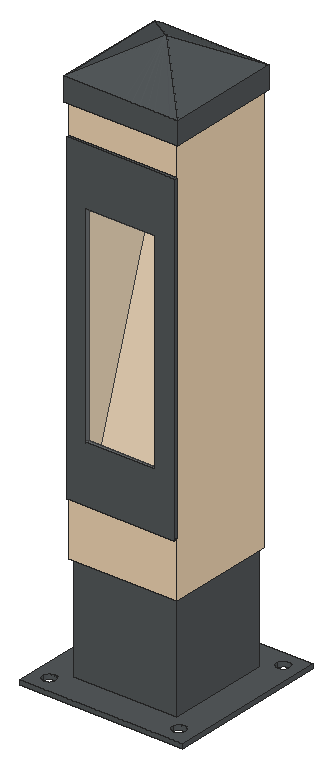
Revit family "Баум", category Осветительные приборы, Revit 2019 (continued)
Types (3, lengths in mm): name | Файл фотометрической сетки | built-in parameter 1150105 | Lumens | built-in parameter 1150106 | built-in parameter 1150142 | Wattage | h_столб низ | h_столб верх | ADSK_Фактическая мощность | ADSK_Размер_Высота | ADSK_Номинальная мощность | ADSK_Наименование | ADSK_Масса_Текст | ADSK_Масса | ADSK_Артикул
     0.4 0.4 0.4 0.4 0.2 0.2 0.2 0.2 0.2 0.2 0.2 0.0 0.0 0.0 0.0\r\n0.0 0.0 0.0 0.0 0.0 0.0 0.2 0.2 0.4 0.4 0.4 0.4 0.4 0.4 0.4 0.4 0.4 0.4 0.4 0.4 0.4 0.4 0.4 0.4 0.4 0.4 0.4 0.4 0.4 0.4 0.4 0.4\r\n 0.4 0.4 0.4 0.4 0.4 0.4 0.4 0.4 0.4 0.4 0.4 0.4 0.4 0.4 0.4 0.6 0.4 0.4 0.4 0.4 0.4 0.4 0.4 0.4 0.4 0.4 0.4 0.4 0.4 0.4 0.4 0.4\r\n 0.4 0.4 0.4 0.4 0.4 0.4 0.4 0.4 0.4 0.4 0.4 0.4 0.4 0.4 0.4 0.4 0.4 0.4 0.4 0.4 0.4 0.4 0.4 0.4 0.4 0.4 0.4 0.4 0.4 0.4 0.4 0.4\r\n 0.4 0.4 0.4 0.4 0.4 0.4 0.4 0.4 0.4 0.4 0.4 0.4 0.4 0.4 0.4 0.4 0.4 0.4 0.4 0.4 0.4 0.4 0.4 0.4 0.4 0.4 0.4 0.4 0.4 0.4 0.4 0.4\r\n 0.4 0.4 0.4 0.4 0.4 0.4 0.4 0.4 0.4 0.4 0.4 0.4 0.4 0.4 0.4 0.4 0.4 0.4 0.4 0.4 0.4 0.4 0.4 0.4 0.4 0.4 0.4 0.4 0.4 0.4 0.4 0.4\r\n 0.4 0.4 0.4 0.4 0.4 0.4 0.4 0.4 0.4 0.4 0.2 0.2 0.2 0.2 0.2 0.2 0.2 0.0 0.0 0.0 0.0\r\n0.0 0.0 0.0 0.0 0.0 0.0 0.2 0.2 0.4 0.4 0.4 0.4 0.4 0.4 0.4 0.4 0.4 0.4 0.4 0.4 0.4 0.4 0.4 0.4 0.4 0.4 0.4 0.4 0.4 0.4 0.4 0.4\r\n 0.4 0.4 0.4 0.4 0.4 0.4 0.4 0.4 0.4 0.4 0.4 0.4 0.4 0.4 0.4 0.7 0.6 0.4 0.4 0.4 0.4 0.4 0.4 0.4 0.4 0.4 0.4 0.4 0.4 0.4 0.4 0.4\r\n 0.4 0.4 0.4 0.4 0.4 0.4 0.4 0.4 0.4 0.4 0.4 0.4 0.4 0.4 0.4 0.4 0.4 0.4 0.4 0.4 0.4 0.4 0.4 0.4 0.4 0.4 0.4 0.4 0.4 0.4 0.4 0.4\r\n 0.4 0.4 0.4 0.4 0.4 0.4 0.4 0.4 0.4 0.4 0.4 0.4 0.4 0.4 0.4 0.4 0.4 0.4 0.4 0.4 0.4 0.4 0.4 0.4 0.4 0.4 0.4 0.4 0.4 0.4 0.4 0.4\r\n 0.4 0.4 0.4 0.4 0.4 0.4 0.4 0.4 0.4 0.4 0.4 0.4 0.4 0.4 0.4 0.4 0.4 0.4 0.4 0.4 0.4 0.4 0.4 0.4 0.4 0.4 0.4 0.4 0.4 0.4 0.4 0.4\r\n 0.4 0.4 0.4 0.4 0.4 0.4 0.4 0.4 0.4 0.4 0.2 0.2 0.2 0.2 0.2 0.2 0.0 0.0 0.0 0.0 0.0\r\n0.0 0.0 0.0 0.0 0.0 0.0 0.0 0.2 0.4 0.4 0.4 0.4 0.4 0.4 0.4 0.4 0.4 0.4 0.4 0.4 0.4 0.4 0.4 0.4 0.4 0.4 0.4 0.4 0.4 0.4 0.4 0.6\r\n 0.4 0.4 0.4 0.4 0.4 0.4 0.4 0.4 0.4 0.4 0.4 0.4 0.4 0.4 0.4 0.4 0.4 0.4 0.4 0.4 0.4 0.4 0.4 0.4 0.4 0.4 0.4 0.4 0.4 0.4 0.4 0.4\r\n 0.4 0.4 0.4 0.4 0.4 0.4 0.4 0.4 0.4 0.4 0.4 0.4 0.4 0.4 0.4 0.4 0.4 0.4 0.4 0.4 0.4 0.4 0.4 0.4 0.4 0.4 0.4 0.4 0.4 0.4 0.4 0.4\r\n 0.4 0.4 0.4 0.4 0.4 0.4 0.4 0.4 0.4 0.4 0.4 0.4 0.4 0.4 0.4 0.4 0.4 0.4 0.4 0.4 0.4 0.4 0.4 0.4 0.4 0.4 0.4 0.4 0.4 0.4 0.4 0.4\r\n 0.4 0.4 0.4 0.4 0.4 0.4 0.4 0.4 0.4 0.4 0.4 0.4 0.4 0.4 0.4 0.4 0.4 0.4 0.4 0.4 0.4 0.4 0.4 0.4 0.4 0.4 0.4 0.4 0.4 0.4 0.4 0.4\r\n 0.4 0.4 0.4 0.4 0.4 0.4 0.4 0.4 0.4 0.4 0.2 0.2 0.2 0.2 0.2 0.2 0.0 0.0 0.0 0.0 0.0\r\n0.0 0.0 0.0 0.0 0.0 0.0 0.0 0.2 0.4 0.4 0.4 0.4 0.4 0.4 0.4 0.4 0.4 0.4 0.4 0.4 0.4 0.4 0.4 0.4 0.4 0.4 0.4 0.4 0.4 0.4 0.4 0.4\r\n 0.4 0.4 0.4 0.4 0.4 0.4 0.4 0.4 0.4 0.4 0.4 0.4 0.4 0.4 0.4 0.4 0.4 0.4 0.4 0.4 0.4 0.4 0.4 0.4 0.4 0.4 0.4 0.4 0.4 0.4 0.4 0.4\r\n 0.4 0.4 0.4 0.4 0.4 0.4 0.4 0.4 0.4 0.4 0.4 0.4 0.4 0.4 0.4 0.4 0.4 0.4 0.4 0.4 0.4 0.4 0.4 0.4 0.4 0.4 0.4 0.4 0.4 0.4 0.4 0.4\r\n 0.4 0.4 0.4 0.4 0.4 0.4 0.4 0.4 0.4 0.4 0.4 0.4 0.4 0.4 0.4 0.4 0.4 0.4 0.4 0.4 0.4 0.4 0.4 0.4 0.4 0.4 0.4 0.4 0.4 0.4 0.4 0.4\r\n 0.4 0.4 0.4 0.4 0.4 0.4 0.4 0.4 0.4 0.4 0.4 0.4 0.4 0.4 0.4 0.4 0.4 0.4 0.4 0.4 0.4 0.4 0.4 0.4 0.4 0.4 0.4 0.4 0.4 0.4 0.4 0.4\r\n 0.4 0.4 0.4 0.4 0.4 0.4 0.4 0.4 0.4 0.4 0.2 0.2 0.2 0.2 0.2 0.0 0.0 0.0 0.0 0.0 0.0\r\n0.0 0.0 0.0 0.0 0.0 0.0 0.0 0.0 0.2 0.4 0.4 0.4 0.4 0.4 0.4 0.4 0.4 0.4 0.4 0.4 0.4 0.4 0.4 0.4 0.4 0.4 0.4 0.4 0.4 0.4 0.4 0.4\r\n 0.4 0.4 0.4 0.4 0.4 0.4 0.4 0.4 0.4 0.4 0.4 0.4 0.4 0.4 0.4 0.4 0.4 0.4 0.4 0.4 0.4 0.4 0.4 0.4 0.4 0.4 0.4 0.4 0.4 0.4 0.4 0.4\r\n 0.4 0.4 0.4 0.4 0.4 0.4 0.4 0.4 0.4 0.4 0.4 0.4 0.4 0.4 0.4 0.4 0.4 0.4 0.4 0.4 0.4 0.4 0.4 0.4 0.4 0.4 0.4 0.4 0.4 0.4 0.4 0.4\r\n 0.4 0.4 0.4 0.4 0.4 0.4 0.4 0.4 0.4 0.4 0.4 0.4 0.4 0.4 0.4 0.4 0.4 0.4 0.4 0.4 0.4 0.4 0.4 0.4 0.4 0.4 0.4 0.4 0.4 0.4 0.4 0.4\r\n 0.4 0.4 0.4 0.4 0.4 0.4 0.4 0.4 0.4 0.4 0.4 0.4 0.4 0.4 0.4 0.4 0.4 0.4 0.4 0.4 0.4 0.4 0.4 0.4 0.4 0.4 0.4 0.4 0.4 0.4 0.4 0.4\r\n 0.4 0.4 0.4 0.4 0.4 0.4 0.4 0.4 0.4 0.4 0.2 0.2 0.2 0.2 0.0 0.0 0.0 0.0 0.0 0.0 0.0\r\n0.0 0.0 0.0 0.0 0.0 0.0 0.0 0.0 0.2 0.2 0.2 0.4 0.4 0.4 0.4 0.4 0.4 0.4 0.4 0.4 0.4 0.4 0.4 0.4 0.4 0.4 0.4 0.4 0.4 0.4 0.4 0.4\r\n 0.4 0.4 0.4 0.4 0.4 0.4 0.4 0.4 0.4 0.4 0.4 0.4 0.4 0.4 0.4 0.4 0.4 0.4 0.4 0.4 0.4 0.4 0.4 0.4 0.4 0.4 0.4 0.4 0.4 0.4 0.4 0.4\r\n 0.4 0.4 0.4 0.4 0.4 0.4 0.4 0.4 0.4 0.4 0.4 0.4 0.4 0.4 0.4 0.4 0.4 0.4 0.4 0.4 0.4 0.4 0.4 0.4 0.4 0.4 0.4 0.4 0.4 0.4 0.4 0.4\r\n 0.4 0.4 0.4 0.4 0.4 0.4 0.4 0.4 0.4 0.4 0.4 0.4 0.4 0.4 0.4 0.4 0.4 0.4 0.4 0.4 0.4 0.4 0.4 0.4 0.4 0.4 0.4 0.4 0.4 0.4 0.4 0.4\r\n 0.4 0.4 0.4 0.4 0.4 0.4 0.4 0.4 0.4 0.4 0.4 0.4 0.4 0.4 0.4 0.4 0.4 0.4 0.4 0.4 0.4 0.4 0.4 0.4 0.4 0.4 0.4 0.4 0.4 0.4 0.4 0.4\r\n 0.4 0.4 0.4 0.4 0.4 0.4 0.4 0.4 0.4 0.4 0.2 0.2 0.2 0.0 0.0 0.0 0.0 0.0 0.0 0.0 0.0\r\n0.0 0.0 0.0 0.0 0.0 0.0 0.0 0.0 0.2 0.2 0.2 0.2 0.4 0.4 0.4 0.4 0.4 0.4 0.4 0.4 0.4 0.4 0.4 0.4 0.4 0.4 0.4 0.4 0.4 0.4 0.4 0.4\r\n 0.4 0.4 0.4 0.4 0.4 0.4 0.4 0.4 0.4 0.4 0.4 0.4 0.4 0.4 0.4 0.4 0.4 0.4 0.4 0.4 0.4 0.4 0.4 0.4 0.4 0.4 0.4 0.4 0.4 0.4 0.4 0.4\r\n 0.4 0.4 0.4 0.4 0.4 0.4 0.4 0.4 0.4 0.4 0.4 0.4 0.4 0.4 0.4 0.4 0.4 0.4 0.4 0.4 0.4 0.4 0.4 0.4 0.4 0.4 0.4 0.4 0.4 0.4 0.4 0.4\r\n 0.4 0.4 0.4 0.4 0.4 0.4 0.4 0.4 0.4 0.4 0.4 0.4 0.4 0.4 0.4 0.4 0.4 0.4 0.4 0.4 0.4 0.4 0.4 0.4 0.4 0.4 0.4 0.4 0.4 0.4 0.4 0.4\r\n 0.4 0.4 0.4 0.4 0.4 0.4 0.4 0.4 0.4 0.4 0.4 0.4 0.4 0.4 0.4 0.4 0.4 0.4 0.4 0.4 0.4 0.4 0.4 0.4 0.4 0.4 0.4 0.4 0.4 0.4 0.4 0.4\r\n 0.4 0.4 0.4 0.4 0.4 0.4 0.4 0.4 0.4 0.4 0.2 0.2 0.2 0.0 0.0 0.0 0.0 0.0 0.0 0.0 0.0\r\n0.0 0.0 0.0 0.0 0.0 0.0 0.0 0.0 0.2 0.2 0.2 0.2 0.2 0.4 0.4 0.4 0.4 0.4 0.4 0.4 0.4 0.4 0.4 0.4 0.4 0.4 0.4 0.4 0.4 0.4 0.4 0.4\r\n 0.4 0.4 0.4 0.4 0.4 0.4 0.4 0.4 0.4 0.4 0.4 0.4 0.4 0.4 0.4 0.4 0.4 0.4 0.4 0.4 0.4 0.4 0.4 0.4 0.4 0.4 0.4 0.4 0.4 0.4 0.4 0.4\r\n 0.4 0.4 0.4 0.4 0.4 0.4 0.4 0.4 0.4 0.4 0.4 0.4 0.4 0.4 0.4 0.4 0.4 0.4 0.4 0.4 0.4 0.4 0.4 0.4 0.4 0.4 0.4 0.4 0.4 0.4 0.4 0.4\r\n 0.4 0.4 0.4 0.4 0.4 0.4 0.4 0.4 0.4 0.4 0.4 0.4 0.4 0.4 0.4 0.4 0.4 0.4 0.4 0.4 0.4 0.4 0.4 0.4 0.4 0.4 0.4 0.4 0.6 0.9 0.4 0.4\r\n 0.4 0.4 0.4 0.4 0.4 0.4 0.4 0.4 0.4 0.4 0.4 0.4 0.4 0.4 0.4 0.4 0.4 0.4 0.4 0.4 0.4 0.4 0.4 0.4 0.4 0.4 0.4 0.4 0.4 0.4 0.4 0.4\r\n 0.4 0.4 0.4 0.4 0.4 0.4 0.4 0.4 0.4 0.4 0.2 0.2 0.2 0.0 0.0 0.0 0.0 0.0 0.0 0.0 0.0\r\n0.0 0.0 0.0 0.0 0.0 0.0 0.0 0.0 0.2 0.2 0.2 0.2 0.2 0.2 0.4 0.4 0.2 0.4 0.4 0.2 0.2 0.2 0.4 0.4 0.4 0.4 0.4 0.4 0.4 0.4 0.4 0.4\r\n 0.4 0.4 0.4 0.4 0.4 0.4 0.4 0.4 0.4 0.4 0.4 0.4 0.4 0.4 0.4 0.4 0.4 0.4 0.4 0.4 0.4 0.4 0.4 0.4 0.4 0.4 0.4 0.4 0.4 0.4 0.4 0.4\r\n 0.4 0.4 0.4 0.4 0.4 0.4 0.4 0.4 0.4 0.4 0.4 0.4 0.4 0.4 0.4 0.4 0.4 0.4 0.4 0.4 0.4 0.4 0.4 0.4 0.4 0.4 0.4 0.4 0.4 0.4 0.4 0.4\r\n 0.4 0.4 0.4 0.4 0.4 0.4 0.4 0.4 0.4 0.4 0.4 0.4 0.4 0.4 0.4 0.4 0.4 0.4 0.4 0.4 0.4 0.4 0.4 0.4 0.4 0.4 0.4 0.4 0.6 0.4 0.4 0.4\r\n 0.4 0.4 0.4 0.4 0.4 0.4 0.4 0.4 0.4 0.4 0.4 0.4 0.4 0.4 0.4 0.4 0.4 0.4 0.4 0.4 0.4 0.4 0.4 0.4 0.4 0.4 0.4 0.4 0.4 0.4 0.4 0.4\r\n 0.4 0.4 0.4 0.4 0.4 0.4 0.4 0.4 0.4 0.2 0.2 0.2 0.0 0.0 0.0 0.0 0.0 0.0 0.0 0.0 0.0\r\n0.0 0.0 0.0 0.0 0.0 0.0 0.0 0.0 0.2 0.2 0.2 0.2 0.2 0.2 0.2 0.2 0.2 0.2 0.2 0.4 0.2 0.2 0.4 0.2 0.4 0.4 0.4 0.4 0.4 0.4 0.4 0.4\r\n 0.4 0.4 0.4 0.4 0.4 0.4 0.4 0.4 0.4 0.4 0.4 0.4 0.4 0.4 0.4 0.4 0.4 0.4 0.4 0.4 0.4 0.4 0.4 0.4 0.4 0.4 0.4 0.4 0.4 0.4 0.4 0.4\r\n 0.4 0.4 0.4 0.4 0.4 0.4 0.4 0.4 0.4 0.4 0.4 0.4 0.4 0.4 0.4 0.4 0.4 0.4 0.4 0.4 0.4 0.4 0.4 0.4 0.4 0.4 0.4 0.4 0.4 0.4 0.4 0.4\r\n 0.4 0.4 0.4 0.4 0.4 0.4 0.4 0.4 0.4 0.4 0.4 0.4 0.4 0.4 0.4 0.4 0.4 0.4 0.4 0.4 0.4 0.4 0.4 0.4 0.4 0.4 0.4 0.4 0.4 0.4 0.4 0.4\r\n 0.4 0.4 0.4 0.4 0.4 0.4 0.4 0.4 0.4 0.4 0.4 0.4 0.4 0.4 0.4 0.4 0.4 0.4 0.4 0.4 0.4 0.4 0.4 0.4 0.4 0.4 0.4 0.4 0.4 0.4 0.4 0.4\r\n 0.4 0.4 0.4 0.4 0.4 0.4 0.2 0.2 0.2 0.2 0.2 0.2 0.0 0.0 0.0 0.0 0.0 0.0 0.0 0.0 0.0\r\n0.0 0.0 0.0 0.0 0.0 0.0 0.0 0.0 0.2 0.2 0.2 0.2 0.2 0.2 0.2 0.2 0.2 0.2 0.2 0.2 0.2 0.2 0.4 0.4 0.2 0.4 0.4 0.4 0.4 0.4 0.4 0.4\r\n 0.4 0.4 0.4 0.4 0.4 0.4 0.4 0.4 0.4 0.4 0.4 0.4 0.4 0.4 0.4 0.4 0.4 0.4 0.4 0.4 0.4 0.4 0.4 0.4 0.4 0.4 0.4 0.4 0.4 0.4 0.4 0.4\r\n 0.4 0.4 0.4 0.4 0.4 0.4 0.4 0.4 0.4 0.4 0.4 0.4 0.4 0.4 0.4 0.4 0.4 0.4 0.4 0.4 0.4 0.4 0.4 0.4 0.4 0.4 0.4 0.4 0.4 0.4 0.4 0.4\r\n 0.4 0.4 0.4 0.4 0.4 0.4 0.4 0.4 0.4 0.4 0.4 0.4 0.4 0.4 0.4 0.4 0.4 0.4 0.4 0.4 0.4 0.4 0.4 0.4 0.4 0.4 0.4 0.4 0.4 0.4 0.4 0.4\r\n 0.4 0.4 0.4 0.4 0.4 0.4 0.4 0.4 0.4 0.4 0.4 0.4 0.4 0.4 0.4 0.4 0.4 0.4 0.4 0.4 0.4 0.4 0.4 0.4 0.4 0.4 0.4 0.4 0.4 0.4 0.4 0.4\r\n 0.4 0.4 0.4 0.2 0.2 0.2 0.2 0.2 0.2 0.2 0.2 0.2 0.0 0.0 0.0 0.0 0.0 0.0 0.0 0.0 0.0\r\n0.0 0.0 0.0 0.0 0.0 0.0 0.0 0.0 0.2 0.2 0.2 0.2 0.2 0.2 0.2 0.2 0.2 0.2 0.2 0.2 0.2 0.2 0.2 0.2 0.2 0.4 0.4 0.4 0.4 0.4 0.4 0.4\r\n 0.2 0.4 0.4 0.4 0.4 0.2 0.4 0.2 0.4 0.4 0.4 0.4 0.4 0.4 0.4 0.4 0.4 0.4 0.4 0.4 0.4 0.4 0.4 0.4 0.4 0.4 0.4 0.4 0.4 0.4 0.4 0.4\r\n 0.4 0.4 0.4 0.4 0.4 0.4 0.4 0.4 0.4 0.4 0.4 0.4 0.4 0.4 0.4 0.4 0.4 0.4 0.4 0.4 0.4 0.4 0.4 0.4 0.4 0.4 0.4 0.4 0.4 0.4 0.4 0.4\r\n 0.4 0.4 0.4 0.4 0.4 0.4 0.4 0.4 0.4 0.4 0.4 0.4 0.4 0.4 0.4 0.4 0.4 0.4 0.4 0.4 0.4 0.4 0.4 0.4 0.4 0.4 0.4 0.4 0.4 0.4 0.4 0.4\r\n 0.4 0.4 0.4 0.4 0.4 0.4 0.4 0.2 0.4 0.4 0.4 0.2 0.4 0.4 0.4 0.4 0.4 0.4 0.4 0.4 0.4 0.4 0.4 0.4 0.4 0.4 0.4 0.4 0.4 0.4 0.4 0.2\r\n 0.2 0.2 0.2 0.2 0.2 0.2 0.2 0.2 0.2 0.2 0.2 0.0 0.0 0.0 0.0 0.0 0.0 0.0 0.0 0.0 0.0\r\n0.0 0.0 0.0 0.0 0.0 0.0 0.0 0.0 0.2 0.2 0.2 0.2 0.2 0.2 0.2 0.2 0.2 0.2 0.2 0.2 0.2 0.2 0.2 0.2 0.2 0.2 0.2 0.2 0.2 0.2 0.2 0.2\r\n 0.2 0.2 0.4 0.2 0.4 0.4 0.4 0.2 0.4 0.4 0.4 0.4 0.4 0.4 0.4 0.4 0.4 0.4 0.4 0.4 0.4 0.4 0.4 0.4 0.4 0.4 0.4 0.4 0.4 0.4 0.4 0.4\r\n 0.4 0.4 0.4 0.4 0.4 0.4 0.4 0.4 0.4 0.4 0.4 0.4 0.4 0.4 0.4 0.4 0.4 0.4 0.4 0.4 0.4 0.4 0.4 0.4 0.4 0.4 0.4 0.4 0.4 0.4 0.4 0.4\r\n 0.4 0.4 0.4 0.4 0.4 0.4 0.4 0.4 0.4 0.4 0.4 0.4 0.4 0.4 0.4 0.4 0.4 0.4 0.4 0.4 0.4 0.4 0.4 0.4 0.4 0.4 0.4 0.4 0.4 0.4 0.4 0.4\r\n 0.4 0.4 0.4 0.4 0.4 0.4 0.4 0.4 0.4 0.4 0.4 0.4 0.4 0.4 0.4 0.4 0.4 0.4 0.4 0.2 0.2 0.2 0.2 0.2 0.2 0.2 0.2 0.2 0.2 0.2 0.2 0.2\r\n 0.2 0.2 0.2 0.2 0.2 0.2 0.2 0.2 0.2 0.2 0.0 0.0 0.0 0.0 0.0 0.0 0.0 0.0 0.0 0.0 0.0\r\n0.0 0.0 0.0 0.0 0.0 0.0 0.0 0.0 0.2 0.2 0.2 0.2 0.2 0.2 0.2 0.2 0.2 0.2 0.2 0.2 0.2 0.2 0.2 0.2 0.2 0.2 0.2 0.2 0.2 0.2 0.2 0.2\r\n 0.2 0.2 0.2 0.2 0.2 0.2 0.2 0.2 0.2 0.2 0.2 0.2 0.2 0.2 0.2 0.2 0.2 0.2 0.2 0.2 0.2 0.2 0.2 0.2 0.2 0.2 0.2 0.4 0.2 0.2 0.2 0.4\r\n 0.4 0.4 0.4 0.4 0.4 0.4 0.4 0.4 0.4 0.4 0.2 0.4 0.4 0.2 0.4 0.4 0.2 0.4 0.4 0.4 0.4 0.4 0.4 0.4 0.4 0.4 0.4 0.4 0.4 0.4 0.4 0.4\r\n 0.4 0.4 0.4 0.4 0.4 0.4 0.4 0.4 0.2 0.4 0.4 0.4 0.4 0.4 0.4 0.2 0.4 0.4 0.4 0.2 0.4 0.4 0.2 0.2 0.2 0.2 0.4 0.2 0.2 0.4 0.4 0.2\r\n 0.2 0.2 0.2 0.2 0.2 0.2 0.2 0.2 0.2 0.2 0.2 0.2 0.2 0.2 0.2 0.2 0.2 0.2 0.2 0.2 0.2 0.2 0.2 0.2 0.2 0.2 0.2 0.2 0.2 0.2 0.2 0.2\r\n 0.2 0.2 0.2 0.2 0.2 0.2 0.2 0.2 0.2 0.2 0.0 0.0 0.0 0.0 0.0 0.0 0.0 0.0 0.0 0.0 0.0\r\n0.0 0.0 0.0 0.0 0.0 0.0 0.0 0.0 0.2 0.2 0.2 0.2 0.2 0.2 0.2 0.2 0.2 0.2 0.2 0.2 0.2 0.2 0.2 0.2 0.2 0.2 0.2 0.2 0.2 0.2 0.2 0.2\r\n 0.2 0.2 0.2 0.2 0.2 0.2 0.2 0.2 0.2 0.2 0.2 0.2 0.2 0.2 0.2 0.2 0.2 0.2 0.2 0.2 0.2 0.2 0.2 0.2 0.2 0.2 0.2 0.2 0.2 0.2 0.2 0.2\r\n 0.2 0.2 0.2 0.2 0.2 0.2 0.2 0.2 0.2 0.2 0.2 0.2 0.2 0.2 0.2 0.2 0.2 0.2 0.2 0.2 0.2 0.2 0.2 0.2 0.2 0.2 0.2 0.2 0.2 0.2 0.2 0.2\r\n 0.2 0.2 0.2 0.2 0.2 0.2 0.2 0.2 0.2 0.2 0.2 0.2 0.2 0.2 0.2 0.2 0.2 0.2 0.2 0.2 0.2 0.2 0.2 0.2 0.2 0.2 0.2 0.2 0.2 0.2 0.2 0.2\r\n 0.2 0.2 0.2 0.2 0.2 0.2 0.2 0.2 0.2 0.2 0.2 0.2 0.2 0.2 0.2 0.2 0.2 0.2 0.2 0.2 0.2 0.2 0.2 0.2 0.2 0.2 0.2 0.2 0.2 0.2 0.2 0.2\r\n 0.2 0.2 0.2 0.2 0.2 0.2 0.2 0.2 0.2 0.2 0.0 0.0 0.0 0.0 0.0 0.0 0.0 0.0 0.0 0.0 0.0\r\n0.0 0.0 0.0 0.0 0.0 0.0 0.0 0.0 0.2 0.2 0.2 0.2 0.2 0.2 0.2 0.2 0.2 0.2 0.2 0.2 0.2 0.2 0.2 0.2 0.2 0.2 0.2 0.2 0.2 0.2 0.2 0.2\r\n 0.2 0.2 0.2 0.2 0.2 0.2 0.2 0.2 0.2 0.2 0.2 0.2 0.2 0.2 0.2 0.2 0.2 0.2 0.2 0.2 0.2 0.2 0.2 0.2 0.2 0.2 0.2 0.2 0.2 0.2 0.2 0.2\r\n 0.2 0.2 0.2 0.2 0.2 0.2 0.2 0.2 0.2 0.2 0.2 0.2 0.2 0.2 0.2 0.2 0.2 0.2 0.2 0.2 0.2 0.2 0.2 0.2 0.2 0.2 0.2 0.2 0.2 0.2 0.2 0.2\r\n 0.2 0.2 0.2 0.2 0.2 0.2 0.2 0.2 0.2 0.2 0.2 0.2 0.2 0.2 0.2 0.2 0.2 0.2 0.2 0.2 0.2 0.2 0.2 0.2 0.2 0.2 0.2 0.2 0.2 0.2 0.2 0.2\r\n 0.2 0.2 0.2 0.2 0.2 0.2 0.2 0.2 0.2 0.2 0.2 0.2 0.2 0.2 0.2 0.2 0.2 0.2 0.2 0.2 0.2 0.2 0.2 0.2 0.2 0.2 0.2 0.2 0.2 0.2 0.2 0.2\r\n 0.2 0.2 0.2 0.2 0.2 0.2 0.2 0.2 0.2 0.2 0.0 0.0 0.0 0.0 0.0 0.0 0.0 0.0 0.0 0.0 0.0\r\n0.0 0.0 0.0 0.0 0.0 0.0 0.0 0.0 0.2 0.2 0.2 0.2 0.2 0.2 0.2 0.2 0.2 0.2 0.2 0.2 0.2 0.2 0.2 0.2 0.2 0.2 0.2 0.2 0.2 0.2 0.2 0.2\r\n 0.2 0.2 0.2 0.2 0.2 0.2 0.2 0.2 0.2 0.2 0.2 0.2 0.2 0.2 0.2 0.2 0.2 0.2 0.2 0.2 0.2 0.2 0.4 0.4 0.4 0.2 0.2 0.4 0.4 0.4 0.2 0.4\r\n 0.2 0.4 0.4 0.4 0.4 0.4 0.4 0.4 0.4 0.4 0.4 0.4 0.4 0.4 0.4 0.4 0.4 0.4 0.4 0.4 0.4 0.4 0.4 0.4 0.4 0.4 0.4 0.4 0.4 0.4 0.4 0.4\r\n 0.4 0.4 0.4 0.4 0.4 0.4 0.4 0.4 0.4 0.4 0.4 0.4 0.4 0.4 0.4 0.4 0.4 0.4 0.4 0.4 0.4 0.4 0.2 0.2 0.2 0.4 0.2 0.2 0.2 0.2 0.2 0.2\r\n 0.2 0.2 0.2 0.2 0.2 0.2 0.2 0.2 0.2 0.2 0.2 0.2 0.2 0.2 0.2 0.2 0.2 0.2 0.2 0.2 0.2 0.2 0.2 0.2 0.2 0.2 0.2 0.2 0.2 0.2 0.2 0.2\r\n 0.2 0.2 0.2 0.2 0.2 0.2 0.2 0.2 0.2 0.2 0.0 0.0 0.0 0.0 0.0 0.0 0.0 0.0 0.0 0.0 0.0\r\n0.0 0.0 0.0 0.0 0.0 0.0 0.0 0.0 0.2 0.2 0.2 0.2 0.2 0.2 0.2 0.2 0.2 0.2 0.2 0.2 0.2 0.2 0.2 0.2 0.2 0.2 0.2 0.2 0.2 0.2 0.4 0.4\r\n 0.4 0.4 0.4 0.4 0.4 0.4 0.4 0.4 0.4 0.4 0.4 0.4 0.4 0.4 0.4 0.4 0.4 0.4 0.4 0.4 0.4 0.4 0.4 0.4 0.4 0.4 0.4 0.4 0.4 0.4 0.4 0.4\r\n 0.4 0.4 0.4 0.4 0.4 0.4 0.4 0.4 0.4 0.4 0.4 0.4 0.4 0.4 0.4 0.4 0.4 0.4 0.4 0.4 0.4 0.4 0.4 0.4 0.4 0.4 0.4 0.4 0.4 0.4 0.4 0.4\r\n 0.4 0.4 0.4 0.4 0.4 0.4 0.4 0.4 0.4 0.4 0.4 0.4 0.4 0.4 0.4 0.4 0.4 0.4 0.4 0.4 0.4 0.4 0.4 0.4 0.4 0.4 0.4 0.4 0.4 0.4 0.4 0.4\r\n 0.4 0.4 0.4 0.4 0.4 0.4 0.4 0.4 0.4 0.4 0.4 0.4 0.4 0.4 0.4 0.4 0.4 0.4 0.4 0.4 0.4 0.2 0.2 0.2 0.2 0.2 0.2 0.2 0.2 0.2 0.2 0.2\r\n 0.2 0.2 0.2 0.2 0.2 0.2 0.2 0.2 0.2 0.2 0.0 0.0 0.0 0.0 0.0 0.0 0.0 0.0 0.0 0.0 0.0\r\n0.0 0.0 0.0 0.0 0.0 0.0 0.0 0.0 0.2 0.2 0.2 0.2 0.2 0.2 0.2 0.2 0.2 0.2 0.2 0.2 0.2 0.2 0.4 0.4 0.4 0.4 0.4 0.4 0.4 0.4 0.4 0.4\r\n 0.4 0.4 0.4 0.4 0.4 0.4 0.4 0.4 0.4 0.4 0.4 0.4 0.4 0.4 0.4 0.4 0.4 0.4 0.4 0.4 0.4 0.4 0.4 0.4 0.4 0.4 0.4 0.4 0.4 0.4 0.4 0.4\r\n 0.4 0.4 0.4 0.4 0.4 0.4 0.4 0.4 0.4 0.4 0.4 0.4 0.4 0.4 0.4 0.4 0.4 0.4 0.4 0.4 0.4 0.4 0.4 0.4 0.4 0.4 0.4 0.4 0.4 0.4 0.4 0.4\r\n 0.4 0.4 0.4 0.4 0.4 0.4 0.4 0.4 0.4 0.4 0.4 0.4 0.4 0.4 0.4 0.4 0.4 0.4 0.4 0.4 0.4 0.4 0.4 0.4 0.4 0.4 0.4 0.4 0.4 0.4 0.4 0.4\r\n 0.4 0.4 0.4 0.4 0.4 0.4 0.4 0.4 0.4 0.4 0.4 0.4 0.4 0.4 0.4 0.4 0.4 0.4 0.4 0.4 0.4 0.4 0.4 0.4 0.4 0.4 0.2 0.4 0.4 0.2 0.2 0.2\r\n 0.2 0.2 0.2 0.2 0.2 0.2 0.2 0.2 0.2 0.2 0.2 0.0 0.0 0.0 0.0 0.0 0.0 0.0 0.0 0.0 0.0\r\n0.0 0.0 0.0 0.0 0.0 0.0 0.0 0.0 0.2 0.2 0.2 0.2 0.2 0.2 0.2 0.2 0.2 0.4 0.4 0.4 0.4 0.4 0.4 0.4 0.4 0.4 0.4 0.4 0.4 0.4 0.4 0.4\r\n 0.4 0.4 0.4 0.4 0.4 0.4 0.4 0.4 0.4 0.4 0.4 0.4 0.4 0.4 0.4 0.4 0.4 0.4 0.4 0.4 0.4 0.4 0.4 0.4 0.4 0.4 0.4 0.4 0.4 0.4 0.4 0.4\r\n 0.4 0.4 0.4 0.4 0.4 0.4 0.4 0.4 0.4 0.4 0.4 0.4 0.4 0.4 0.4 0.4 0.4 0.4 0.4 0.4 0.4 0.4 0.4 0.4 0.4 0.4 0.4 0.4 0.4 0.4 0.4 0.4\r\n 0.4 0.4 0.4 0.4 0.4 0.4 0.4 0.4 0.4 0.4 0.4 0.4 0.4 0.4 0.4 0.4 0.4 0.4 0.4 0.4 0.4 0.4 0.4 0.4 0.4 0.4 0.4 0.4 0.4 0.4 0.4 0.4\r\n 0.4 0.4 0.4 0.4 0.4 0.4 0.4 0.4 0.4 0.4 0.4 0.4 0.4 0.4 0.4 0.4 0.4 0.4 0.4 0.4 0.4 0.4 0.4 0.4 0.4 0.4 0.4 0.4 0.4 0.4 0.4 0.4\r\n 0.2 0.2 0.2 0.2 0.2 0.2 0.2 0.2 0.2 0.2 0.2 0.0 0.0 0.0 0.0 0.0 0.0 0.0 0.0 0.0 0.0\r\n0.0 0.0 0.0 0.0 0.0 0.0 0.0 0.0 0.2 0.2 0.2 0.2 0.2 0.2 0.4 0.4 0.4 0.4 0.4 0.4 0.4 0.4 0.4 0.4 0.4 0.4 0.4 0.4 0.4 0.4 0.4 0.4\r\n 0.4 0.4 0.4 0.4 0.4 0.4 0.4 0.4 0.4 0.4 0.4 0.4 0.4 0.4 0.4 0.4 0.4 0.4 0.4 0.4 0.4 0.4 0.4 0.4 0.4 0.4 0.4 0.4 0.4 0.4 0.4 0.4\r\n 0.4 0.4 0.4 0.4 0.4 0.4 0.4 0.4 0.4 0.4 0.4 0.4 0.4 0.4 0.4 0.4 0.4 0.4 0.4 0.4 0.4 0.4 0.4 0.4 0.4 0.4 0.4 0.4 0.4 0.4 0.4 0.4\r\n 0.4 0.4 0.4 0.4 0.4 0.4 0.4 0.4 0.4 0.4 0.4 0.4 0.4 0.4 0.4 0.4 0.4 0.4 0.4 0.4 0.4 0.4 0.4 0.4 0.4 0.4 0.4 0.4 0.4 0.4 0.4 0.4\r\n 0.4 0.4 0.4 0.4 0.4 0.4 0.4 0.4 0.4 0.4 0.4 0.4 0.4 0.4 0.4 0.4 0.4 0.4 0.4 0.4 0.4 0.4 0.4 0.4 0.4 0.4 0.4 0.4 0.4 0.4 0.4 0.4\r\n 0.4 0.4 0.4 0.2 0.2 0.2 0.2 0.2 0.2 0.2 0.2 0.0 0.0 0.0 0.0 0.0 0.0 0.0 0.0 0.0 0.0\r\n0.0 0.0 0.0 0.0 0.0 0.0 0.0 0.0 0.2 0.2 0.2 0.4 0.4 0.4 0.4 0.4 0.4 0.4 0.4 0.4 0.4 0.4 0.4 0.4 0.4 0.4 0.4 0.4 0.4 0.4 0.4 0.4\r\n 0.4 0.4 0.4 0.4 0.4 0.4 0.4 0.4 0.4 0.4 0.4 0.4 0.4 0.4 0.4 0.4 0.4 0.4 0.4 0.4 0.4 0.4 0.4 0.4 0.4 0.4 0.4 0.4 0.4 0.4 0.4 0.4\r\n 0.4 0.4 0.4 0.4 0.4 0.4 0.4 0.4 0.4 0.4 0.4 0.4 0.4 0.4 0.4 0.4 0.4 0.4 0.4 0.4 0.4 0.4 0.4 0.4 0.4 0.4 0.4 0.4 0.4 0.4 0.4 0.4\r\n 0.4 0.4 0.4 0.4 0.4 0.4 0.4 0.4 0.4 0.4 0.4 0.4 0.4 0.4 0.4 0.4 0.4 0.4 0.4 0.4 0.4 0.4 0.4 0.4 0.4 0.4 0.4 0.4 0
